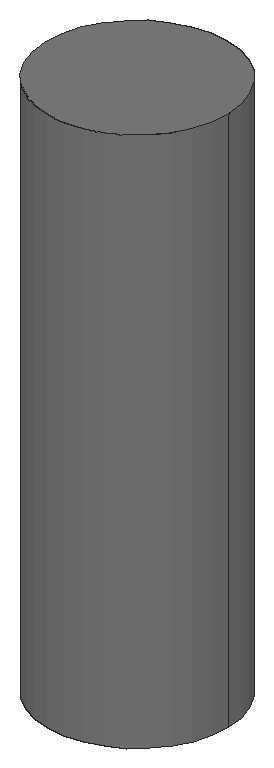
Revit family "隔板支撑", category 常规模型, Revit 2020
Family settings
  可将钢筋附着到主体 = 否
  圆形连接件大小 = 使用直径
  零件类型 = 标准
  基于工作平面 = 否
  总是垂直 = 是
  加载时剪切的空心 = 否
  共享 = 否
  房间计算点 = 否
Parameters
  默认高程 = 0 mm
  材质 = none
  H = 150 mm
Reference planes
  plane 1 "中心(前/后)": y = 0
  plane 2: z = 0
  plane 3 "中心(左/右)": x = 0
  plane 4: z = 150
Forms (mm)
  Extrusion 1, solid, material <- "材质"
    sketch origin (0, 0, 0) x (1, 0, 0) y (0, 1, 0)
      loop
        circle (0, 0) r 25
    from 0 to 150
Dimensions and locks
  "H": plane 4 to plane 2
  aligned and locked: level to plane 2
  aligned and locked: plane 4 to Extrusion 1
  aligned and locked: Extrusion 1 to plane 2
Automatic sketch dimensions
  plane 1 "中心(前/后)" to Extrusion 1 sketch curve = 0 mm
  Extrusion 1 sketch curve to plane 3 "中心(左/右)" = 0 mm
  radius of Extrusion 1 sketch curve = 25 mm
